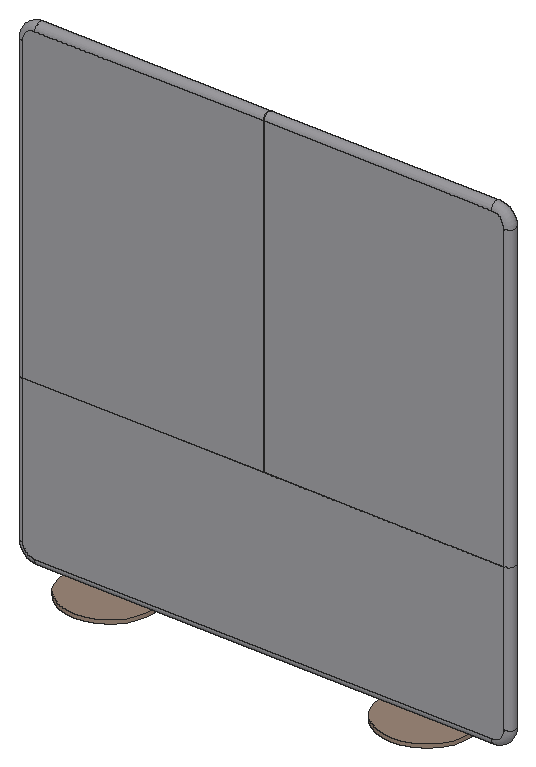
Revit family "Screen_Schiavello_Toku", category Furniture, Revit 2019
Family settings
  OmniClass Number = 23.40.70.14.64.11
  Work Plane-Based = No
  Always vertical = Yes
  Cut with Voids When Loaded = No
  Shared = No
  Room Calculation Point = No
Parameters (values of type "Upholstered")
  Upholstery = yes
  URL = "https://www.schiavello.com/"
  Type Comments = Model  # "Toku - Screen - Upholstered"
  TimberLegMaterial [instance] = Timber_Natural_Schiavello_WalnutBiancato
  ModifiedIssue = 20200129
  Mesh = no
  ManufacturerOverallWidth = 1200 mm  # constant formula
  Model = "Toku - Screen - Upholstered"
  ManufacturerURLProductSpecific = "https://www.schiavello.com/furniture/products/accessories/toku-screen"
  ManufacturerOverallHeight = 1200 mm  # constant formula
  ManufacturerOverallDepth = 220 mm  # constant formula
  Manufacturer = "Schiavello"  # constant formula
  UpholsteryTopMaterial = Fabric_Schiavello_Revive1_0154
  Description = "Named after the Japanese word for ‘talk’, Toku inspires people to connect, converse and collaborate, while also createing spaces for privacy and focus, communication and collaboration."  # constant formula
  CreatedBy = "IGS BIM Solutions"  # constant formula
  CreatedByURL = "https://igsgroup.com.au"
  UpholsteryBaseMaterial [instance] = Fabric_Schiavello_Revive1_0154
Types (2, lengths in mm): name | Upholstery | Type Comments | Mesh | Model | UpholsteryTopMaterial
  Upholstered | yes | "Toku - Screen - Upholstered" | no | "Toku - Screen - Upholstered" | Fabric_Schiavello_Revive1_0154
  Mesh | no | "Toku - Screen - Mesh" | yes | "Toku - Screen - Mesh" | Fabric_Schiavello_Revive1_0944
Reference planes
  plane 1 "Ref. Level": z = 0
  plane 2 "Center (Front/Back)": y = 0
  plane 3 "Front": y = -110
  plane 4 "Back": y = 110
  plane 5 "Center (Left/Right)": x = -25.785
  plane 6 "Right": x = 574.215
  plane 7 "Left": x = -625.785
  plane 8 "Bottom": z = 0
  plane 9 "Top": z = 1200
  plane 10 "Screen_Back": y = 15
  plane 11 "Screen_Front": y = -15
Forms (mm)
  Sweep 1, solid, material "Fabric_Schiavello_Revive1_0154" <- "UpholsteryBaseMaterial"
    path origin (0, 0, 3580) x (1, 0, 0) y (0, 0, 1)
      loop
        line (574.215, -3160) -> (574.215, -3516.5)
        arc (574.215, -3516.5) -> (561.035, -3548.32) -> (529.215, -3561.5) r 45
        line (529.215, -3561.5) -> (-580.785, -3561.5)
        arc (-580.785, -3561.5) -> (-612.604, -3548.32) -> (-625.785, -3516.5) r 45
        line (-625.785, -3516.5) -> (-625.785, -3160)
    profile origin (-625.785, 0, 241.75) x (-1, 0, 0) y (0, -1, 0)
      loop
        arc (-15, -15) -> (0, 0) -> (-15, 15) r 15
        line (-15, 15) -> (-15, -15)
  Extrusion 2, solid, material "Fabric_Schiavello_Revive1_0154" <- "UpholsteryBaseMaterial"
    sketch origin (0, 0, 3580) x (1, 0, 0) y (0, 0, 1)
      loop
        line (559.215, -3160) -> (-610.785, -3160) -> (-610.785, -3516.5)
        arc (-610.785, -3516.5) -> (-601.998, -3537.713) -> (-580.785, -3546.5) r 30
        line (-580.785, -3546.5) -> (529.215, -3546.5)
        arc (529.215, -3546.5) -> (550.429, -3537.713) -> (559.215, -3516.5) r 30
        line (559.215, -3516.5) -> (559.215, -3160)
    from -15 to 15
  Sweep 3, solid, material "Fabric_Schiavello_Revive1_0154" <- "UpholsteryTopMaterial", visible <- "Upholstery"
    path origin (0, 0, 3580) x (1, 0, 0) y (0, 0, 1)
      loop
        line (-625.785, -3160) -> (-625.785, -2425)
        arc (-625.785, -2425) -> (-612.604, -2393.18) -> (-580.785, -2380) r 45
        line (-580.785, -2380) -> (-25.785, -2380)
    profile origin (-303.285, 0, 1200) x (0, 0, 1) y (0, -1, 0)
      loop
        arc (-15, -15) -> (0, 0) -> (-15, 15) r 15
        line (-15, 15) -> (-15, -15)
  Extrusion 4, solid, material "Fabric_Schiavello_Revive1_0154" <- "UpholsteryTopMaterial", visible <- "Upholstery"
    sketch origin (0, 0, 3580) x (1, 0, 0) y (0, 0, 1)
      loop
        arc (-580.785, -2395) -> (-601.998, -2403.787) -> (-610.785, -2425) r 30
        line (-610.785, -2425) -> (-610.785, -3160) -> (-25.785, -3160) -> (-25.785, -2395) -> (-580.785, -2395)
    from -15 to 15
  Extrusion 5, solid, material "Fabric_Schiavello_Revive1_0154" <- "UpholsteryTopMaterial", visible <- "Upholstery"
    sketch origin (-51.569, 0, 3580) x (-1, 0, 0) y (0, 0, -1)
      loop
        line (-580.785, 2395) -> (-25.785, 2395) -> (-25.785, 3160) -> (-610.785, 3160) -> (-610.785, 2425)
        arc (-610.785, 2425) -> (-601.998, 2403.787) -> (-580.785, 2395) r 30
    from -15 to 15
  Sweep 6, solid, material "Fabric_Schiavello_Revive1_0154" <- "UpholsteryTopMaterial", visible <- "Upholstery"
    path origin (0, 0, 3580) x (1, 0, 0) y (0, 0, 1)
      loop
        line (-25.785, -2380) -> (529.215, -2380)
        arc (529.215, -2380) -> (561.035, -2393.18) -> (574.215, -2425) r 45
        line (574.215, -2425) -> (574.215, -3160)
    profile origin (251.715, 0, 1200) x (0, 0, 1) y (0, -1, 0)
      loop
        arc (-15, -15) -> (0, 0) -> (-15, 15) r 15
        line (-15, 15) -> (-15, -15)
  Revolve 7, solid, material "Timber_Natural_Schiavello_WalnutBiancato" <- "TimberLegMaterial"
    sketch origin (0, 0, 3580) x (1, 0, 0) y (0, 0, 1)
      loop
        line (-410.785, -3561.5) -> (-520.785, -3561.5) -> (-520.785, -3570) -> (-497.226, -3580) -> (-410.785, -3580) -> (-410.785, -3561.5)
      axis (-410.785, -3561.5) -> (-410.785, -3580)
    angle from 0 to 360
  Revolve 8, solid, material "Timber_Natural_Schiavello_WalnutBiancato" <- "TimberLegMaterial"
    sketch origin (-51.569, 0, 3580) x (-1, 0, 0) y (0, 0, -1)
      loop
        line (-410.785, 3561.5) -> (-410.785, 3580) -> (-497.226, 3580) -> (-520.785, 3570) -> (-520.785, 3561.5) -> (-410.785, 3561.5)
      axis (-410.785, 3561.5) -> (-410.785, 3580)
    angle from 0 to 360
  Sweep 9, solid, material "Fabric_Mesh_Schiavello_Black", visible <- "Mesh"
    path origin (0, 0, 3580) x (1, 0, 0) y (0, 0, 1)
      loop
        line (-625.785, -3160) -> (-625.785, -2425)
        arc (-625.785, -2425) -> (-612.604, -2393.18) -> (-580.785, -2380) r 45
        line (-580.785, -2380) -> (-25.785, -2380)
    profile origin (-303.285, 0, 1200) x (0, 0, 1) y (0, -1, 0)
      loop
        arc (-15, -15) -> (0, 0) -> (-15, 15) r 15
        line (-15, 15) -> (-15, -15)
  Extrusion 10, solid, material "Fabric_Mesh_Schiavello_Black", visible <- "Mesh"
    sketch origin (0, 0, 3580) x (1, 0, 0) y (0, 0, 1)
      loop
        arc (-580.785, -2395) -> (-601.998, -2403.787) -> (-610.785, -2425) r 30
        line (-610.785, -2425) -> (-610.785, -3160) -> (-25.785, -3160) -> (-25.785, -2395) -> (-580.785, -2395)
    from -15 to 15
  Extrusion 11, solid, material "Fabric_Mesh_Schiavello_Black", visible <- "Mesh"
    sketch origin (-51.569, 0, 3580) x (-1, 0, 0) y (0, 0, -1)
      loop
        line (-580.785, 2395) -> (-25.785, 2395) -> (-25.785, 3160) -> (-610.785, 3160) -> (-610.785, 2425)
        arc (-610.785, 2425) -> (-601.998, 2403.787) -> (-580.785, 2395) r 30
    from -15 to 15
  Sweep 12, solid, material "Fabric_Mesh_Schiavello_Black", visible <- "Mesh"
    path origin (0, 0, 3580) x (1, 0, 0) y (0, 0, 1)
      loop
        line (-25.785, -2380) -> (529.215, -2380)
        arc (529.215, -2380) -> (561.035, -2393.18) -> (574.215, -2425) r 45
        line (574.215, -2425) -> (574.215, -3160)
    profile origin (251.715, 0, 1200) x (0, 0, 1) y (0, -1, 0)
      loop
        arc (-15, -15) -> (0, 0) -> (-15, 15) r 15
        line (-15, 15) -> (-15, -15)
Cuts and joins
  joined: Sweep 1, Extrusion 2
  joined: Sweep 3, Extrusion 4
  joined: Extrusion 5, Sweep 6
  joined: Sweep 9, Extrusion 10
  joined: Extrusion 11, Sweep 12
Lines and regions (mm)
  Masking region 1
    outline origin (0, 0, 1200) x (-1, 0, 0) y (0, -1, 0)
      loop
        arc (610.785, -15) -> (625.785, 0) -> (610.785, 15) r 15
        line (610.785, 15) -> (519.757, 15)
        arc (519.757, 15) -> (410.785, 110) -> (301.812, 15) r 110
        line (301.812, 15) -> (-250.243, 15)
        arc (-250.243, 15) -> (-359.215, 110) -> (-468.188, 15) r 110
        line (-468.188, 15) -> (-559.215, 15)
        arc (-559.215, 15) -> (-574.215, 0) -> (-559.215, -15) r 15
        line (-559.215, -15) -> (-468.188, -15)
        arc (-468.188, -15) -> (-359.215, -110) -> (-250.243, -15) r 110
        line (-250.243, -15) -> (301.812, -15)
        arc (301.812, -15) -> (410.785, -110) -> (519.757, -15) r 110
        line (519.757, -15) -> (610.785, -15)
  symbolic lines, style "Furniture - Loose", detail levels medium+fine
    curve 1: line (-519.757, 15, 1200) -> (-301.812, 15, 1200)
    curve 2: line (-301.812, -15, 1200) -> (-519.757, -15, 1200)
    curve 3: line (250.243, 15, 1200) -> (468.188, 15, 1200)
    curve 4: line (468.188, -15, 1200) -> (250.243, -15, 1200)
Text (mm)
  text "Disclaimer:\nDue to ongoing product development and manufacturing \nevolution, product details are subject to change without \nnotice. Please refer to product technical data sheets on \nthe manufacturers website for the most current product \ninformation. Please allow a +/- 5mm manufacturing \ntolerance for dimensions and set-outs shown in product \nliterature." at (791.043, 334.436, 0), in view "Ref. Level_Instruction"
Dimensions and locks
  "ManufacturerOverallWidth": plane 7 "Left" to plane 6 "Right"
  "ManufacturerOverallDepth": plane 4 "Back" to plane 3 "Front"
  equal spacing: plane 4 "Back", plane 2 "Center (Front/Back)", plane 3 "Front"
  equal spacing: plane 7 "Left", plane 5 "Center (Left/Right)", plane 6 "Right"
  "ManufacturerOverallHeight": plane 9 "Top" to plane 8 "Bottom"
  plane 11 "Screen_Front" to plane 2 "Center (Front/Back)" to plane 10 "Screen_Back" = 15 mm, 15 mm
  aligned and locked: level to plane 1 "Ref. Level"
  aligned and locked: plane 6 "Right" to Sweep 1 sketch curve
  aligned and locked: Sweep 1 to Extrusion 2 sketch curve
  aligned and locked: Extrusion 2 sketch curve to Sweep 1  (x2)
  aligned and locked: Extrusion 4 sketch curve to Sweep 3  (x2)
  aligned and locked: Extrusion 4 sketch curve to plane 5 "Center (Left/Right)"
  aligned and locked: Extrusion 5 sketch curve to plane 5 "Center (Left/Right)"
  aligned and locked: Extrusion 5 sketch curve to Sweep 3
  aligned and locked: plane 5 "Center (Left/Right)" to Sweep 6 sketch curve
  aligned and locked: plane 5 "Center (Left/Right)" to Sweep 3 sketch curve
  aligned and locked: plane 6 "Right" to Sweep 6 sketch curve
  aligned and locked: plane 9 "Top" to Sweep 6 sketch curve
  aligned and locked: plane 9 "Top" to Sweep 3 sketch curve
  aligned and locked: plane 7 "Left" to Sweep 3 sketch curve
  aligned and locked: plane 2 "Center (Front/Back)" to Revolve 7 sketch curve
  aligned and locked: plane 2 "Center (Front/Back)" to Revolve 8 sketch curve
  aligned and locked: Extrusion 10 sketch curve to Sweep 9  (x2)
  aligned and locked: Extrusion 11 sketch curve to Sweep 9
Automatic sketch dimensions
  Revolve 7 sketch curve to level = 56.5 mm
  Sweep 1 sketch curve to plane 7 "Left" = 0 mm
  plane 7 "Left" to Sweep 1 sketch curve = 45 mm
  plane 6 "Right" to Sweep 1 sketch curve = 45 mm
  plane 2 "Center (Front/Back)" to Sweep 1 sketch curve = 0 mm
  profile plane to Sweep 1 sketch curve = 15 mm
  Sweep 1 sketch curve to plane 2 "Center (Front/Back)" = 15 mm
  Extrusion 2 sketch curve to Extrusion 2 sketch curve = 30 mm  (x2)
  plane 7 "Left" to Sweep 3 sketch curve = 45 mm
  Sweep 3 sketch curve to plane 2 "Center (Front/Back)" = 0 mm
  profile plane to Sweep 3 sketch curve = 15 mm
  Sweep 3 sketch curve to plane 2 "Center (Front/Back)" = 15 mm
  Extrusion 4 sketch curve to Extrusion 4 sketch curve = 30 mm
  plane 6 "Right" to Extrusion 5 sketch curve = 45 mm
  plane 6 "Right" to Extrusion 5 sketch curve = 15 mm
  plane 6 "Right" to Sweep 6 sketch curve = 45 mm
  Sweep 6 sketch curve to plane 2 "Center (Front/Back)" = 0 mm
  profile plane to Sweep 6 sketch curve = 15 mm
  Sweep 6 sketch curve to plane 2 "Center (Front/Back)" = 15 mm
  Revolve 8 sketch curve to level = 0 mm
  Revolve 8 sketch curve to Revolve 8 sketch curve = 86.441 mm
  Revolve 8 sketch curve to Revolve 8 sketch curve = 23.559 mm
  Revolve 8 sketch curve to Revolve 8 sketch curve = 56.5 mm
  Masking region 1 sketch curve to Masking region 1 sketch curve = 0 mm  (x7)
  plane 2 "Center (Front/Back)" to Masking region 1 sketch curve = 0 mm  (x4)
  Masking region 1 sketch curve to plane 2 "Center (Front/Back)" = 15 mm  (x3)
  plane 6 "Right" to Masking region 1 sketch curve = 106.028 mm
  plane 6 "Right" to Masking region 1 sketch curve = 15 mm
  plane 2 "Center (Front/Back)" to Masking region 1 sketch curve = 15 mm
  plane 7 "Left" to Masking region 1 sketch curve = 15 mm
  curve 3 to plane 2 "Center (Front/Back)" = 15 mm
  plane 6 "Right" to curve 3 = 106.028 mm
  curve 4 to curve 3 = 0 mm  (x2)
  plane 2 "Center (Front/Back)" to curve 2 = 15 mm
  curve 1 to plane 2 "Center (Front/Back)" = 15 mm
  curve 1 to curve 2 = 0 mm  (x2)
  plane 7 "Left" to curve 2 = 106.028 mm
  plane 2 "Center (Front/Back)" to curve 4 = 15 mm
  Masking region 1 sketch curve to Masking region 1 sketch curve = 108.972 mm  (x2)
  curve 3 to curve 3 = 217.945 mm
  Masking region 1 sketch curve to plane 5 "Center (Left/Right)" = 276.028 mm
  curve 2 to curve 2 = 217.945 mm
  level to Sweep 1 sketch curve = 63.5 mm
  Sweep 1 sketch curve to Sweep 1 sketch curve = 356.5 mm  (x2)
  Extrusion 2 sketch curve to Extrusion 2 sketch curve = 356.5 mm
  level to Sweep 3 sketch curve = 420 mm
  level to Extrusion 4 sketch curve = 420 mm
  level to Extrusion 5 sketch curve = 420 mm
  level to Sweep 6 sketch curve = 420 mm
  Sweep 9 sketch curve to plane 9 "Top" = 0 mm
  plane 9 "Top" to Sweep 9 sketch curve = 45 mm
  Sweep 9 sketch curve to plane 7 "Left" = 0 mm
  Sweep 9 sketch curve to Sweep 9 sketch curve = 555 mm
  level to Sweep 9 sketch curve = 420 mm
  Sweep 9 sketch curve to plane 2 "Center (Front/Back)" = 0 mm
  profile plane to Sweep 9 sketch curve = 15 mm
  Sweep 9 sketch curve to plane 2 "Center (Front/Back)" = 15 mm
  Extrusion 10 sketch curve to Extrusion 10 sketch curve = 30 mm
  Extrusion 10 sketch curve to Extrusion 10 sketch curve = 555 mm
  level to Extrusion 10 sketch curve = 420 mm
  plane 7 "Left" to Extrusion 11 sketch curve = 1185 mm
  Extrusion 11 sketch curve to Extrusion 11 sketch curve = 30 mm
  Extrusion 11 sketch curve to Extrusion 11 sketch curve = 555 mm
  level to Extrusion 11 sketch curve = 420 mm
  Sweep 12 sketch curve to plane 9 "Top" = 0 mm
  plane 9 "Top" to Sweep 12 sketch curve = 45 mm
  plane 7 "Left" to Sweep 12 sketch curve = 1155 mm
  Sweep 12 sketch curve to Sweep 12 sketch curve = 555 mm
  level to Sweep 12 sketch curve = 420 mm
  Sweep 12 sketch curve to plane 2 "Center (Front/Back)" = 0 mm
  profile plane to Sweep 12 sketch curve = 15 mm
  Sweep 12 sketch curve to plane 2 "Center (Front/Back)" = 15 mm
